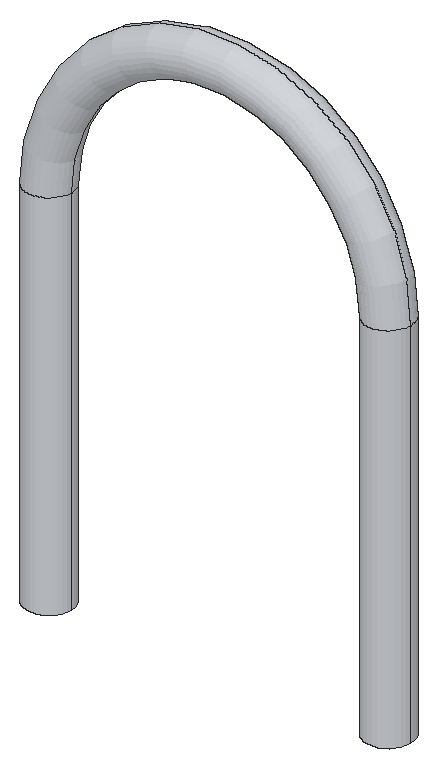
Revit family "PipeHangerUBolt", category Pipe Accessories, Revit 2019
Family settings
  Round Connector Dimension = Use Diameter
  Part Type = Attaches To
  Work Plane-Based = No
  Always vertical = Yes
  Cut with Voids When Loaded = No
  Shared = No
Parameters (values of type "UBolt")
  VOffset = -RodRadius  # -5 mm
  T = 50 mm
  Description = "U-BOLT"
  A = 10 mm
  RodRadius = A / 2  # 5 mm
  Pipe Axis [instance] = 627.396 mm
  OutsideRadius [instance] = OD / 2 + InsulationThickness  # 32.335 mm
  OD [instance] = size_lookup(LookUpTable, "OD", 0 mm, DN)  # 26.67 mm
  LookUpTable = "Sch40"
  InsulationThickness [instance] = 19 mm
  DN [instance] = 20 mm
Reference planes
  plane 1 "Center (Front/Back)": y = 0
  plane 2: z = 0
  plane 3 "Center (Left/Right)": x = 0
  plane 4: z = 627.396
  plane 5: z = 659.731
  plane 6: z = 595.061
  plane 7: z = 669.731
  plane 8: z = 545.061
  plane 9: x = -32.335
  plane 10: x = 32.335
Forms (mm)
  Sweep 1, solid
    path origin (0, 0, 0) x (1, 0, 0) y (0, 0, 1)
      loop
        line (32.335, 545.061) -> (32.335, 627.396)
        arc (32.335, 627.396) -> (0, 659.731) -> (-32.335, 627.396) r 32.335
        line (-32.335, 627.396) -> (-32.335, 545.061)
    profile "Family2 : Family2" origin (0, 0, 659.731) x (0, 0, -1) y (0, -1, 0)
      loop
        circle (-5, 0) r 5
Dimensions and locks
  equal spacing: plane 5, plane 4, plane 6
  "Pipe Axis": plane 4 to level
  "OutsideRadius": plane 5 to plane 4
  "A": plane 7 to plane 5
  equal spacing: plane 10, plane 3 "Center (Left/Right)", plane 9
  "OutsideRadius": plane 3 "Center (Left/Right)" to plane 9
  "T": plane 6 to plane 8
  "OutsideRadius": radius of Sweep 1 sketch curve
  aligned and locked: level to plane 2
  aligned and locked: plane 4 to Sweep 1 sketch curve
  aligned and locked: plane 3 "Center (Left/Right)" to Sweep 1 sketch curve
  aligned and locked: plane 8 to Sweep 1 sketch curve  (x2)
